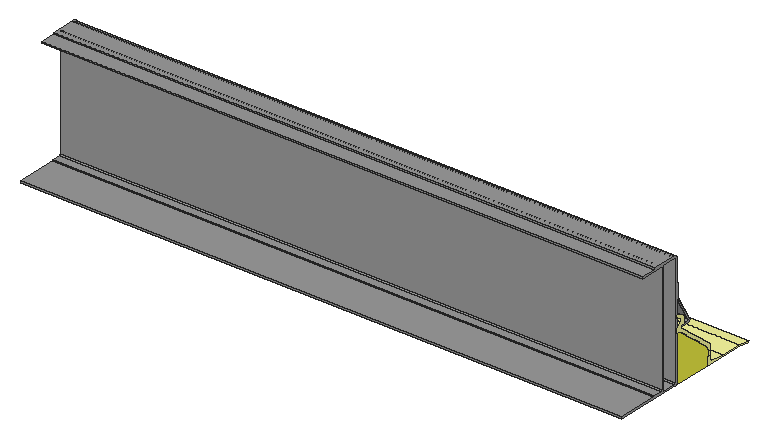
Revit family "HT S 120", category Generic Models, Revit 2014
Parameters (values of type "Corrosion")
  URL = "http://www.keystonelintels.co.uk"
  Structural Opening [instance] = 900 mm
  Structural Performance = "The Keystone lintel range has safe working loads as detailed in each applicable loading table in the Keystone Lintel Guide brochure. The structural performance figures within each table have been ascertained by testing in accordance with the requirements of standards BS EN 5977-2: 1983 and BS EN 845-2: 2003."
  RIBA Productor Selector = "available for Keystone Lintels Ltd from Keystone Lintels Ltd from ribaproductselector.com"
  Model = "HT/S 120"
  Min Length = 600 mm
  Min Clear Span = 300 mm
  Max Length = 3600 mm
  Max Clear Span = 3600 mm
  Material - Stainless Steel = "Grade 304 2b 1.4307 to BS EN 10088-2. Other grades available on request: contact manufacturer."
  Material - Galvanised Steel = "To BS EN 10346: 2009. DX51D plus Z600 or grade Z275 to BS 5977-2: 1983 (BS EN 845-2: 2003)."
  Manufacturer = "Keystone"
  Manufactured Length [instance] = (roundup(Effective Length / 150 mm) * 150 mm)  # 1200 mm
  Lintel height [instance] = 2100 mm
  Keynote = "F30/755"
  Fire Performance = "Keystone lintels have been subjected to a fire test (WARRES No. 101263) in accordance with BS 476-20: 1987, at Exova Warrington Fire and achieved a one hour fire performance."
  End Bearing = 150 mm
  Effective Length [instance] = Clear Opening with MIN MAX set + End Bearing * 2  # 1200 mm
  Corrosion = "Keystone’s standard range of lintels are manufactured from high quality grade pre-galvanized carbon steel with a zinc coating of 600"
  Contact Tel = "+44 (0)28 8676 2184"
  Contact Email = "info@keystonelintels.co.uk"
  Clear Opening with MIN MAX set [instance] = if(Structural Opening < Min Clear Span, Min Clear Span, (if(Structural Opening > Max Clear Span, Max Clear Span, Structural Opening)))  # 900 mm
  CPD Information = "Available for Keystone Lintels Ltd from ribacpd.com"
Reference planes
  plane 1 "Center (Front/Back)": y = 0
  plane 2: z = 0
  plane 3 "Center (Left/Right)": x = 0
  plane 4: x = -600
  plane 5: x = 600
  plane 6: z = 2100
  plane 7: x = -450
  plane 8: x = 450
Forms (mm)
  Extrusion 1, solid, material "GRP"
    sketch origin (0, 697.178, -495.229) x (0, 1, 0) y (0, 0, 1)
      loop
        line (-580.201, 2595.229) -> (-559.849, 2593.253) -> (-559.559, 2596.239) -> (-580.056, 2598.229) -> (-621.641, 2598.229) -> (-652.331, 2601.688)
        arc (-652.331, 2601.688) -> (-654.262, 2602.658) -> (-655.04, 2604.674) r 3
        line (-655.04, 2604.674) -> (-655.04, 2627.955)
        arc (-655.04, 2627.955) -> (-656.003, 2632.236) -> (-658.706, 2635.692) r 10
        line (-658.706, 2635.692) -> (-727.957, 2692.389)
        arc (-727.957, 2692.389) -> (-728.509, 2692.982) -> (-728.882, 2693.701) r 3
        line (-728.882, 2693.701) -> (-728.882, 2697.71) -> (-720.922, 2697.71) -> (-720.922, 2708.134)
        arc (-720.922, 2708.134) -> (-721.955, 2711.795) -> (-724.751, 2714.375) r 7
        line (-724.751, 2714.375) -> (-738.367, 2721.292)
        arc (-738.367, 2721.292) -> (-739.424, 2721.197) -> (-739.801, 2720.206) r 1
        line (-739.801, 2720.206) -> (-738.84, 2715.363) -> (-729.605, 2710.672)
        arc (-729.605, 2710.672) -> (-727.738, 2708.126) -> (-728.68, 2705.113) r 3.5
        line (-728.68, 2705.113) -> (-737.84, 2695.681) -> (-737.84, 2690.089)
        arc (-737.84, 2690.089) -> (-737.255, 2688.675) -> (-735.84, 2688.089) r 2
        line (-735.84, 2688.089) -> (-731.266, 2688.089)
        arc (-731.266, 2688.089) -> (-697.178, 2662.03) -> (-665.121, 2633.509) r 576.819
        arc (-665.121, 2633.509) -> (-660.252, 2626.285) -> (-659.018, 2617.661) r 19.484
        line (-659.018, 2617.661) -> (-660.059, 2605.177) -> (-660.059, 2598.229)
        arc (-660.059, 2598.229) -> (-661.594, 2596.729) -> (-660.059, 2595.229) r 1.5
        line (-660.059, 2595.229) -> (-580.201, 2595.229)
    from -600 to 600
  Extrusion 2, solid, material "Steel"
    sketch origin (0, 697.178, -495.229) x (0, 1, 0) y (0, 0, 1)
      loop
        arc (-742.435, 2595.229) -> (-739.606, 2596.401) -> (-738.435, 2599.229) r 4
        line (-738.435, 2599.229) -> (-738.435, 2748.668) -> (-709.307, 2701.107)
        arc (-709.307, 2701.107) -> (-709.133, 2698.016) -> (-711.786, 2696.417) r 3
        line (-711.786, 2696.417) -> (-728.55, 2696.417) -> (-728.55, 2693.917) -> (-711.786, 2693.917)
        arc (-711.786, 2693.917) -> (-706.94, 2696.816) -> (-707.203, 2702.457) r 5.5
        line (-707.203, 2702.457) -> (-735.935, 2749.609) -> (-735.935, 2777.356) -> (-738.435, 2777.356) -> (-738.435, 2823.229)
        arc (-738.435, 2823.229) -> (-739.606, 2826.057) -> (-742.435, 2827.229) r 4
        line (-742.435, 2827.229) -> (-791.535, 2827.229) -> (-791.535, 2824.329) -> (-821.535, 2824.329) -> (-821.535, 2822.329) -> (-775.535, 2822.329)
        arc (-775.535, 2822.329) -> (-774.12, 2821.743) -> (-773.535, 2820.329) r 2
        line (-773.535, 2820.329) -> (-773.536, 2602.129)
        arc (-773.536, 2602.129) -> (-774.121, 2600.715) -> (-775.536, 2600.129) r 2
        line (-775.536, 2600.129) -> (-794.035, 2600.129) -> (-794.035, 2598.129) -> (-874.414, 2598.129) -> (-874.414, 2595.229) -> (-742.435, 2595.229)
      loop
        arc (-742.935, 2598.129) -> (-741.803, 2598.598) -> (-741.335, 2599.729) r 1.6
        line (-741.335, 2599.729) -> (-741.335, 2822.729)
        arc (-741.335, 2822.729) -> (-741.803, 2823.86) -> (-742.935, 2824.329) r 1.6
        line (-742.935, 2824.329) -> (-775.535, 2824.329)
        arc (-775.535, 2824.329) -> (-772.708, 2823.16) -> (-771.535, 2820.335) r 4
        line (-771.535, 2820.335) -> (-771.535, 2602.135)
        arc (-771.535, 2602.135) -> (-772.704, 2599.303) -> (-775.534, 2598.129) r 3.999
        line (-775.534, 2598.129) -> (-742.935, 2598.129)
    from -600 to 600
  Extrusion 3, solid, material "Insulation"
    sketch origin (0, 697.178, -495.229) x (0, 1, 0) y (0, 0, 1)
      loop
        line (-742.435, 2595.229) -> (-660.059, 2595.229)
        arc (-660.059, 2595.229) -> (-661.594, 2596.729) -> (-660.059, 2598.229) r 1.5
        line (-660.059, 2598.229) -> (-660.059, 2605.177) -> (-659.018, 2617.661)
        arc (-659.018, 2617.661) -> (-660.252, 2626.285) -> (-665.121, 2633.509) r 19.484
        arc (-665.121, 2633.509) -> (-697.178, 2662.03) -> (-731.266, 2688.089) r 576.819
        line (-731.266, 2688.089) -> (-738.435, 2688.089) -> (-738.435, 2599.229)
        arc (-738.435, 2599.229) -> (-739.606, 2596.401) -> (-742.435, 2595.229) r 4
    from -600 to 600
  Extrusion 4, solid, not visible
    sketch origin (0, 826.763, 1344.108) x (0, 1, 0) y (0, 0, 1)
      loop
        line (-580.201, 995.229) -> (-559.849, 993.253) -> (-559.559, 996.239) -> (-580.056, 998.229) -> (-621.641, 998.281) -> (-652.331, 1001.688)
        arc (-652.331, 1001.688) -> (-654.262, 1002.658) -> (-655.04, 1004.674) r 3
        line (-655.04, 1004.674) -> (-655.04, 1027.955)
        arc (-655.04, 1027.955) -> (-656.003, 1032.236) -> (-658.706, 1035.692) r 10
        line (-658.706, 1035.692) -> (-727.957, 1092.389)
        arc (-727.957, 1092.389) -> (-728.509, 1092.982) -> (-728.882, 1093.701) r 3
        line (-728.882, 1093.701) -> (-728.882, 1097.71) -> (-720.922, 1097.71) -> (-720.922, 1108.134)
        arc (-720.922, 1108.134) -> (-721.955, 1111.795) -> (-724.751, 1114.375) r 7
        line (-724.751, 1114.375) -> (-738.367, 1121.292)
        arc (-738.367, 1121.292) -> (-739.424, 1121.197) -> (-739.801, 1120.206) r 1
        line (-739.801, 1120.206) -> (-738.84, 1115.363) -> (-729.605, 1110.672)
        arc (-729.605, 1110.672) -> (-727.738, 1108.126) -> (-728.68, 1105.113) r 3.5
        line (-728.68, 1105.113) -> (-737.84, 1095.681) -> (-737.84, 1090.089)
        arc (-737.84, 1090.089) -> (-737.255, 1088.675) -> (-735.84, 1088.089) r 2
        line (-735.84, 1088.089) -> (-731.266, 1088.089)
        arc (-731.266, 1088.089) -> (-697.178, 1062.03) -> (-665.121, 1033.509) r 576.819
        arc (-665.121, 1033.509) -> (-660.252, 1026.285) -> (-659.018, 1017.661) r 19.484
        line (-659.018, 1017.661) -> (-660.059, 1005.177) -> (-660.059, 998.229)
        arc (-660.059, 998.229) -> (-661.594, 996.729) -> (-660.059, 995.229) r 1.5
        line (-660.059, 995.229) -> (-580.201, 995.229)
    from 0 to 250
  Extrusion 5, solid, not visible
    sketch origin (0, 582.038, 1244.523) x (0, 1, 0) y (0, 0, 1)
      loop
        arc (-742.435, 995.229) -> (-739.606, 996.401) -> (-738.435, 999.229) r 4
        line (-738.435, 999.229) -> (-738.435, 1148.668) -> (-709.307, 1101.107)
        arc (-709.307, 1101.107) -> (-709.133, 1098.016) -> (-711.786, 1096.417) r 3
        line (-711.786, 1096.417) -> (-728.55, 1096.417) -> (-728.55, 1093.917) -> (-711.786, 1093.917)
        arc (-711.786, 1093.917) -> (-706.94, 1096.816) -> (-707.203, 1102.457) r 5.5
        line (-707.203, 1102.457) -> (-735.935, 1149.609) -> (-735.935, 1177.356) -> (-738.435, 1177.356) -> (-738.435, 1223.229)
        arc (-738.435, 1223.229) -> (-739.606, 1226.057) -> (-742.435, 1227.229) r 4
        line (-742.435, 1227.229) -> (-791.535, 1227.229) -> (-791.535, 1224.329) -> (-821.535, 1224.329) -> (-821.535, 1222.329) -> (-775.535, 1222.329)
        arc (-775.535, 1222.329) -> (-774.12, 1221.743) -> (-773.535, 1220.329) r 2
        line (-773.535, 1220.329) -> (-773.536, 1002.129)
        arc (-773.536, 1002.129) -> (-774.121, 1000.715) -> (-775.536, 1000.129) r 2
        line (-775.536, 1000.129) -> (-794.035, 1000.129) -> (-794.035, 998.129) -> (-874.414, 998.129) -> (-874.414, 995.229) -> (-742.435, 995.229)
      loop
        arc (-742.935, 998.129) -> (-741.803, 998.598) -> (-741.335, 999.729) r 1.6
        line (-741.335, 999.729) -> (-741.335, 1222.729)
        arc (-741.335, 1222.729) -> (-741.803, 1223.86) -> (-742.935, 1224.329) r 1.6
        line (-742.935, 1224.329) -> (-775.535, 1224.329)
        arc (-775.535, 1224.329) -> (-772.708, 1223.16) -> (-771.535, 1220.335) r 4
        line (-771.535, 1220.335) -> (-771.535, 1002.135)
        arc (-771.535, 1002.135) -> (-772.704, 999.303) -> (-775.534, 998.129) r 3.999
        line (-775.534, 998.129) -> (-742.935, 998.129)
    from 0 to 250
  Extrusion 6, solid, not visible
    sketch origin (0, 915.771, 915.377) x (0, 1, 0) y (0, 0, 1)
      loop
        line (-742.435, 995.229) -> (-660.059, 995.229)
        arc (-660.059, 995.229) -> (-661.594, 996.729) -> (-660.059, 998.229) r 1.5
        line (-660.059, 998.229) -> (-660.059, 1005.177) -> (-659.018, 1017.661)
        arc (-659.018, 1017.661) -> (-660.252, 1026.285) -> (-665.121, 1033.509) r 19.484
        arc (-665.121, 1033.509) -> (-697.178, 1062.03) -> (-731.266, 1088.089) r 576.819
        line (-731.266, 1088.089) -> (-738.435, 1088.089) -> (-738.435, 999.229)
        arc (-738.435, 999.229) -> (-739.606, 996.401) -> (-742.435, 995.229) r 4
    from 0 to 250
Dimensions and locks
  equal spacing: plane 4, plane 3 "Center (Left/Right)", plane 5
  "Manufactured Length": plane 4 to plane 5
  "Lintel height": plane 6 to level
  "Structural Opening": plane 7 to plane 8
  equal spacing: plane 7, plane 3 "Center (Left/Right)", plane 8
  aligned and locked: level to plane 2
  aligned and locked: Extrusion 1 to plane 6
  aligned and locked: Extrusion 3 to plane 6
  aligned and locked: Extrusion 2 to plane 6
  aligned and locked: plane 5 to Extrusion 2
  aligned and locked: Extrusion 2 to plane 4
  aligned and locked: plane 5 to Extrusion 1
  aligned and locked: Extrusion 1 to plane 4
  aligned and locked: plane 5 to Extrusion 3
  aligned and locked: Extrusion 3 to plane 4
Automatic sketch dimensions
  Extrusion 1 sketch curve to Extrusion 1 sketch curve = 20.353 mm
  Extrusion 1 sketch curve to Extrusion 1 sketch curve = 0.29 mm
  Extrusion 1 sketch curve to Extrusion 1 sketch curve = 1.976 mm
  Extrusion 1 sketch curve to Extrusion 1 sketch curve = 2.986 mm  (x2)
  Extrusion 1 sketch curve to Extrusion 1 sketch curve = 0.145 mm
  Extrusion 1 sketch curve to Extrusion 1 sketch curve = 3 mm  (x2)
  Extrusion 1 sketch curve to Extrusion 1 sketch curve = 79.857 mm
  Extrusion 1 sketch curve to Extrusion 1 sketch curve = 38.418 mm
  Extrusion 1 sketch curve to Extrusion 1 sketch curve = 7.727 mm
  Extrusion 1 sketch curve to Extrusion 1 sketch curve = 6.459 mm
  Extrusion 1 sketch curve to Extrusion 1 sketch curve = 0.035 mm  (x2)
  Extrusion 1 sketch curve to Extrusion 1 sketch curve = 1.5 mm
  Extrusion 1 sketch curve to Extrusion 1 sketch curve = 6.948 mm
  Extrusion 1 sketch curve to Extrusion 1 sketch curve = 1.04 mm
  Extrusion 1 sketch curve to Extrusion 1 sketch curve = 12.485 mm
  Extrusion 1 sketch curve to Extrusion 1 sketch curve = 0.291 mm
  Extrusion 1 sketch curve to Extrusion 1 sketch curve = 10.293 mm
  Extrusion 1 sketch curve to Extrusion 1 sketch curve = 19.416 mm
  Extrusion 1 sketch curve to Extrusion 1 sketch curve = 1.622 mm
  Extrusion 1 sketch curve to Extrusion 1 sketch curve = 10.081 mm
  Extrusion 1 sketch curve to Extrusion 1 sketch curve = 0.081 mm
  Extrusion 1 sketch curve to Extrusion 1 sketch curve = 6.415 mm
  Extrusion 1 sketch curve to Extrusion 1 sketch curve = 62.836 mm
  Extrusion 1 sketch curve to Extrusion 1 sketch curve = 58.88 mm
  Extrusion 1 sketch curve to Extrusion 1 sketch curve = 404.24 mm
  Extrusion 1 sketch curve to Extrusion 1 sketch curve = 378.106 mm
  Extrusion 1 sketch curve to Extrusion 1 sketch curve = 3.308 mm
  Extrusion 1 sketch curve to Extrusion 1 sketch curve = 4.575 mm
  Extrusion 1 sketch curve to Extrusion 1 sketch curve = 2 mm
  Extrusion 1 sketch curve to Extrusion 1 sketch curve = 5.592 mm
  Extrusion 1 sketch curve to Extrusion 1 sketch curve = 0.722 mm
  Extrusion 1 sketch curve to Extrusion 1 sketch curve = 12.724 mm
  Extrusion 1 sketch curve to Extrusion 1 sketch curve = 1.9 mm
  Extrusion 1 sketch curve to Extrusion 1 sketch curve = 2.321 mm
  Extrusion 1 sketch curve to Extrusion 1 sketch curve = 0.925 mm
  Extrusion 1 sketch curve to Extrusion 1 sketch curve = 4.009 mm
  Extrusion 1 sketch curve to Extrusion 1 sketch curve = 5.136 mm
  Extrusion 1 sketch curve to Extrusion 1 sketch curve = 3.021 mm
  Extrusion 1 sketch curve to Extrusion 1 sketch curve = 2.511 mm
  Extrusion 1 sketch curve to Extrusion 1 sketch curve = 2.438 mm
  Extrusion 1 sketch curve to Extrusion 1 sketch curve = 1.585 mm
  Extrusion 1 sketch curve to Extrusion 1 sketch curve = 9.235 mm
  Extrusion 1 sketch curve to Extrusion 1 sketch curve = 4.691 mm
  Extrusion 1 sketch curve to Extrusion 1 sketch curve = 1.684 mm
  Extrusion 1 sketch curve to Extrusion 1 sketch curve = 4.854 mm
  Extrusion 1 sketch curve to Extrusion 1 sketch curve = 0.474 mm
  Extrusion 1 sketch curve to Extrusion 1 sketch curve = 5.928 mm
  Extrusion 1 sketch curve to Extrusion 1 sketch curve = 1.434 mm
  Extrusion 1 sketch curve to Extrusion 1 sketch curve = 1.086 mm
  Extrusion 1 sketch curve to Extrusion 1 sketch curve = 0.981 mm
  Extrusion 2 sketch curve to Extrusion 2 sketch curve = 131.979 mm
  Extrusion 2 sketch curve to Extrusion 2 sketch curve = 2.9 mm  (x3)
  Extrusion 2 sketch curve to Extrusion 2 sketch curve = 1.1 mm  (x2)
  Extrusion 2 sketch curve to Extrusion 2 sketch curve = 0.5 mm  (x6)
  Extrusion 2 sketch curve to Extrusion 2 sketch curve = 0 mm  (x12)
  Extrusion 2 sketch curve to Extrusion 2 sketch curve = 51.1 mm
  Extrusion 2 sketch curve to Extrusion 2 sketch curve = 0.4 mm
  Extrusion 2 sketch curve to Extrusion 2 sketch curve = 18.499 mm
  Extrusion 2 sketch curve to Extrusion 2 sketch curve = 3.999 mm  (x3)
  Extrusion 2 sketch curve to Extrusion 2 sketch curve = 0.002 mm
  Extrusion 2 sketch curve to Extrusion 2 sketch curve = 0.001 mm  (x3)
  Extrusion 2 sketch curve to Extrusion 2 sketch curve = 1.998 mm
  Extrusion 2 sketch curve to Extrusion 2 sketch curve = 2 mm  (x3)
  Extrusion 2 sketch curve to Extrusion 2 sketch curve = 2.4 mm
  Extrusion 2 sketch curve to Extrusion 2 sketch curve = 0.006 mm
  Extrusion 2 sketch curve to Extrusion 2 sketch curve = 12.785 mm
  Extrusion 2 sketch curve to Extrusion 2 sketch curve = 94.188 mm
  Extrusion 2 sketch curve to Extrusion 2 sketch curve = 16.764 mm
  Extrusion 2 sketch curve to Extrusion 2 sketch curve = 2.5 mm  (x4)
  Extrusion 2 sketch curve to Extrusion 2 sketch curve = 2.479 mm
  Extrusion 2 sketch curve to Extrusion 2 sketch curve = 1.69 mm
  Extrusion 2 sketch curve to Extrusion 2 sketch curve = 2.104 mm
  Extrusion 2 sketch curve to Extrusion 2 sketch curve = 52.25 mm
  Extrusion 2 sketch curve to Extrusion 2 sketch curve = 0.941 mm
  Extrusion 2 sketch curve to Extrusion 2 sketch curve = 27.747 mm
  Extrusion 2 sketch curve to Extrusion 2 sketch curve = 42.973 mm
  Extrusion 2 sketch curve to Extrusion 2 sketch curve = 1.6 mm
  Extrusion 2 sketch curve to Extrusion 2 sketch curve = 18 mm
  Extrusion 2 sketch curve to Extrusion 2 sketch curve = 46 mm
  Extrusion 2 sketch curve to Extrusion 2 sketch curve = 30 mm
  Extrusion 2 sketch curve to Extrusion 2 sketch curve = 16 mm
  Extrusion 3 sketch curve to Extrusion 3 sketch curve = 82.376 mm
  Extrusion 3 sketch curve to Extrusion 3 sketch curve = 0.035 mm  (x2)
  Extrusion 3 sketch curve to Extrusion 3 sketch curve = 1.5 mm
  Extrusion 3 sketch curve to Extrusion 3 sketch curve = 18.376 mm
  Extrusion 3 sketch curve to Extrusion 3 sketch curve = 1.04 mm
  Extrusion 3 sketch curve to Extrusion 3 sketch curve = 19.432 mm
  Extrusion 3 sketch curve to Extrusion 3 sketch curve = 1.622 mm
  Extrusion 3 sketch curve to Extrusion 3 sketch curve = 6.103 mm
  Extrusion 3 sketch curve to Extrusion 3 sketch curve = 6.948 mm
  Extrusion 3 sketch curve to Extrusion 3 sketch curve = 321.864 mm
  Extrusion 3 sketch curve to Extrusion 3 sketch curve = 378.106 mm
  Extrusion 3 sketch curve to Extrusion 3 sketch curve = 66.145 mm
  Extrusion 3 sketch curve to Extrusion 3 sketch curve = 7.169 mm
  Extrusion 3 sketch curve to Extrusion 3 sketch curve = 0 mm  (x2)
  Extrusion 3 sketch curve to Extrusion 3 sketch curve = 4 mm  (x2)
  Extrusion 4 sketch curve to Extrusion 4 sketch curve = 20.353 mm
  Extrusion 4 sketch curve to Extrusion 4 sketch curve = 0.29 mm
  Extrusion 4 sketch curve to Extrusion 4 sketch curve = 1.976 mm
  Extrusion 4 sketch curve to Extrusion 4 sketch curve = 2.986 mm  (x2)
  Extrusion 4 sketch curve to Extrusion 4 sketch curve = 0.145 mm
  Extrusion 4 sketch curve to Extrusion 4 sketch curve = 3 mm
  Extrusion 4 sketch curve to Extrusion 4 sketch curve = 79.857 mm
  Extrusion 4 sketch curve to Extrusion 4 sketch curve = 38.418 mm
  Extrusion 4 sketch curve to Extrusion 4 sketch curve = 3.052 mm
  Extrusion 4 sketch curve to Extrusion 4 sketch curve = 7.727 mm
  Extrusion 4 sketch curve to Extrusion 4 sketch curve = 6.459 mm
  Extrusion 4 sketch curve to Extrusion 4 sketch curve = 0.035 mm  (x2)
  Extrusion 4 sketch curve to Extrusion 4 sketch curve = 1.5 mm
  Extrusion 4 sketch curve to Extrusion 4 sketch curve = 6.948 mm
  Extrusion 4 sketch curve to Extrusion 4 sketch curve = 1.04 mm
  Extrusion 4 sketch curve to Extrusion 4 sketch curve = 12.485 mm
  Extrusion 4 sketch curve to Extrusion 4 sketch curve = 0.291 mm
  Extrusion 4 sketch curve to Extrusion 4 sketch curve = 10.293 mm
  Extrusion 4 sketch curve to Extrusion 4 sketch curve = 19.416 mm
  Extrusion 4 sketch curve to Extrusion 4 sketch curve = 1.622 mm
  Extrusion 4 sketch curve to Extrusion 4 sketch curve = 10.081 mm
  Extrusion 4 sketch curve to Extrusion 4 sketch curve = 0.081 mm
  Extrusion 4 sketch curve to Extrusion 4 sketch curve = 6.415 mm
  Extrusion 4 sketch curve to Extrusion 4 sketch curve = 62.836 mm
  Extrusion 4 sketch curve to Extrusion 4 sketch curve = 58.88 mm
  Extrusion 4 sketch curve to Extrusion 4 sketch curve = 404.24 mm
  Extrusion 4 sketch curve to Extrusion 4 sketch curve = 378.106 mm
  Extrusion 4 sketch curve to Extrusion 4 sketch curve = 3.308 mm
  Extrusion 4 sketch curve to Extrusion 4 sketch curve = 4.575 mm
  Extrusion 4 sketch curve to Extrusion 4 sketch curve = 2 mm
  Extrusion 4 sketch curve to Extrusion 4 sketch curve = 5.592 mm
  Extrusion 4 sketch curve to Extrusion 4 sketch curve = 0.722 mm
  Extrusion 4 sketch curve to Extrusion 4 sketch curve = 12.724 mm
  Extrusion 4 sketch curve to Extrusion 4 sketch curve = 1.9 mm
  Extrusion 4 sketch curve to Extrusion 4 sketch curve = 2.321 mm
  Extrusion 4 sketch curve to Extrusion 4 sketch curve = 0.925 mm
  Extrusion 4 sketch curve to Extrusion 4 sketch curve = 4.009 mm
  Extrusion 4 sketch curve to Extrusion 4 sketch curve = 5.136 mm
  Extrusion 4 sketch curve to Extrusion 4 sketch curve = 3.021 mm
  Extrusion 4 sketch curve to Extrusion 4 sketch curve = 2.511 mm
  Extrusion 4 sketch curve to Extrusion 4 sketch curve = 2.438 mm
  Extrusion 4 sketch curve to Extrusion 4 sketch curve = 1.585 mm
  Extrusion 4 sketch curve to Extrusion 4 sketch curve = 9.235 mm
  Extrusion 4 sketch curve to Extrusion 4 sketch curve = 4.691 mm
  Extrusion 4 sketch curve to Extrusion 4 sketch curve = 1.684 mm
  Extrusion 4 sketch curve to Extrusion 4 sketch curve = 4.854 mm
  Extrusion 4 sketch curve to Extrusion 4 sketch curve = 0.474 mm
  Extrusion 4 sketch curve to Extrusion 4 sketch curve = 5.928 mm
  Extrusion 4 sketch curve to Extrusion 4 sketch curve = 1.434 mm
  Extrusion 4 sketch curve to Extrusion 4 sketch curve = 1.086 mm
  Extrusion 4 sketch curve to Extrusion 4 sketch curve = 0.981 mm
  Extrusion 5 sketch curve to Extrusion 5 sketch curve = 131.979 mm
  Extrusion 5 sketch curve to Extrusion 5 sketch curve = 2.9 mm  (x3)
  Extrusion 5 sketch curve to Extrusion 5 sketch curve = 1.1 mm  (x2)
  Extrusion 5 sketch curve to Extrusion 5 sketch curve = 0.5 mm  (x6)
  Extrusion 5 sketch curve to Extrusion 5 sketch curve = 0 mm  (x12)
  Extrusion 5 sketch curve to Extrusion 5 sketch curve = 51.1 mm
  Extrusion 5 sketch curve to Extrusion 5 sketch curve = 0.4 mm
  Extrusion 5 sketch curve to Extrusion 5 sketch curve = 18.499 mm
  Extrusion 5 sketch curve to Extrusion 5 sketch curve = 3.999 mm  (x3)
  Extrusion 5 sketch curve to Extrusion 5 sketch curve = 0.002 mm
  Extrusion 5 sketch curve to Extrusion 5 sketch curve = 0.001 mm  (x3)
  Extrusion 5 sketch curve to Extrusion 5 sketch curve = 1.998 mm
  Extrusion 5 sketch curve to Extrusion 5 sketch curve = 2 mm  (x3)
  Extrusion 5 sketch curve to Extrusion 5 sketch curve = 2.4 mm
  Extrusion 5 sketch curve to Extrusion 5 sketch curve = 0.006 mm
  Extrusion 5 sketch curve to Extrusion 5 sketch curve = 12.785 mm
  Extrusion 5 sketch curve to Extrusion 5 sketch curve = 94.188 mm
  Extrusion 5 sketch curve to Extrusion 5 sketch curve = 16.764 mm
  Extrusion 5 sketch curve to Extrusion 5 sketch curve = 2.5 mm  (x4)
  Extrusion 5 sketch curve to Extrusion 5 sketch curve = 2.479 mm
  Extrusion 5 sketch curve to Extrusion 5 sketch curve = 1.69 mm
  Extrusion 5 sketch curve to Extrusion 5 sketch curve = 2.104 mm
  Extrusion 5 sketch curve to Extrusion 5 sketch curve = 52.25 mm
  Extrusion 5 sketch curve to Extrusion 5 sketch curve = 0.941 mm
  Extrusion 5 sketch curve to Extrusion 5 sketch curve = 27.747 mm
  Extrusion 5 sketch curve to Extrusion 5 sketch curve = 42.973 mm
  Extrusion 5 sketch curve to Extrusion 5 sketch curve = 1.6 mm
  Extrusion 5 sketch curve to Extrusion 5 sketch curve = 18 mm
  Extrusion 5 sketch curve to Extrusion 5 sketch curve = 46 mm
  Extrusion 5 sketch curve to Extrusion 5 sketch curve = 30 mm
  Extrusion 5 sketch curve to Extrusion 5 sketch curve = 16 mm
  Extrusion 6 sketch curve to Extrusion 6 sketch curve = 82.376 mm
  Extrusion 6 sketch curve to Extrusion 6 sketch curve = 0.035 mm  (x2)
  Extrusion 6 sketch curve to Extrusion 6 sketch curve = 1.5 mm
  Extrusion 6 sketch curve to Extrusion 6 sketch curve = 18.376 mm
  Extrusion 6 sketch curve to Extrusion 6 sketch curve = 1.04 mm
  Extrusion 6 sketch curve to Extrusion 6 sketch curve = 19.432 mm
  Extrusion 6 sketch curve to Extrusion 6 sketch curve = 1.622 mm
  Extrusion 6 sketch curve to Extrusion 6 sketch curve = 6.103 mm
  Extrusion 6 sketch curve to Extrusion 6 sketch curve = 6.948 mm
  Extrusion 6 sketch curve to Extrusion 6 sketch curve = 321.864 mm
  Extrusion 6 sketch curve to Extrusion 6 sketch curve = 378.106 mm
  Extrusion 6 sketch curve to Extrusion 6 sketch curve = 66.145 mm
  Extrusion 6 sketch curve to Extrusion 6 sketch curve = 7.169 mm
  Extrusion 6 sketch curve to Extrusion 6 sketch curve = 0 mm  (x2)
  Extrusion 6 sketch curve to Extrusion 6 sketch curve = 4 mm  (x2)
  Extrusion 2 sketch curve to plane 6 = 0 mm
  plane 1 "Center (Front/Back)" to Extrusion 2 sketch curve = 177.236 mm
  Extrusion 1 sketch curve to plane 6 = 0 mm
  plane 1 "Center (Front/Back)" to Extrusion 1 sketch curve = 367.121 mm
  Extrusion 3 sketch curve to plane 6 = 0 mm
  plane 1 "Center (Front/Back)" to Extrusion 3 sketch curve = 367.121 mm
